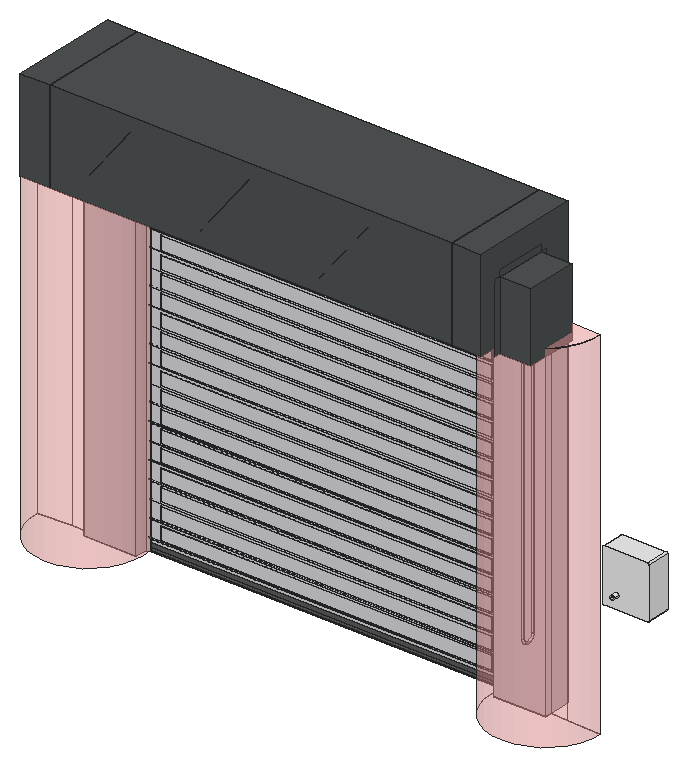
Revit family "Doors_Industrial_Wayne-Dalton_Exterior-Full-View-High-Speed-Metal-Doors-Model-889-ADV-Xtreme_new", category Specialty Equipment, host Wall, Revit 2019 (continued)
Definition of nested family "Lifts"
  Definition of nested family "General Motor"
    Dimensions and locks (in)
      aligned and locked: plane 8 to Sweep 10 sketch curve  (x2)
      aligned and locked: Extrusion 11 to plane 9
      aligned and locked: Extrusion 13 sketch curve to Extrusion 13 sketch curve
      aligned and locked: cut or joined group of Extrusion 11, Extrusion 12, Extrusion 13 to Extrusion 13 sketch curve
      aligned and locked: Extrusion 13 sketch curve to cut or joined group of Extrusion 11, Extrusion 12, Extrusion 13
    Automatic sketch dimensions
      Revolve 1 sketch curve to plane 5 = 0' - 0"
      Revolve 1 sketch curve to plane 4 = 0' - 1.965"
      Revolve 1 sketch curve to level = 0' - 4.941"
      Revolve 1 sketch curve to Revolve 1 sketch curve = 0' - 0.256"
      Revolve 1 sketch curve to Revolve 1 sketch curve = 0' - 1.142"
      Revolve 1 sketch curve to Revolve 1 sketch curve = 0' - 4.843"
      Revolve 1 sketch curve to Revolve 1 sketch curve = 0' - 1.339"
      Revolve 1 sketch curve to Revolve 1 sketch curve = 0' - 2.48"
      plane 5 to Revolve 1 sketch curve = 0' - 1.347"
      Revolve 1 sketch curve to plane 1 "Center (Front/Back)" = 0' - 8.066"
      Revolve 1 sketch curve to Revolve 1 sketch curve = 0' - 1.07288"
      Revolve 1 sketch curve to Revolve 1 sketch curve = 0' - 0.62812"
      Revolve 1 sketch curve to Revolve 1 sketch curve = 0' - 0.651"
      Revolve 1 sketch curve to plane 1 "Center (Front/Back)" = 0' - 5.704"
      Revolve 1 sketch curve to Revolve 1 sketch curve = 0' - 0.128"
      Revolve 1 sketch curve to Revolve 1 sketch curve = 0' - 0.067"
      Revolve 1 sketch curve to Revolve 1 sketch curve = 0' - 2.598"
      Extrusion 2 sketch curve to level = 0' - 6.339"
      Extrusion 2 sketch curve to Extrusion 2 sketch curve = 0' - 4.843"
      Extrusion 2 sketch curve to plane 1 "Center (Front/Back)" = 1' - 1 7/8"
      Extrusion 2 sketch curve to Extrusion 2 sketch curve = 0' - 6"
      plane 1 "Center (Front/Back)" to Extrusion 3 sketch curve = 0' - 0"
      Extrusion 3 sketch curve to plane 1 "Center (Front/Back)" = 0' - 1.755"
      plane 3 "Center (Left/Right)" to Extrusion 3 sketch curve = 0' - 5.729"
      Extrusion 3 sketch curve to Extrusion 3 sketch curve = 0' - 0 1/4"  (x2)
      Extrusion 3 sketch curve to Extrusion 3 sketch curve = 0' - 0.76325"
      Extrusion 3 sketch curve to Extrusion 3 sketch curve = 0' - 0.14434"
      Extrusion 3 sketch curve to plane 3 "Center (Left/Right)" = 0' - 1.14825"
      Extrusion 3 sketch curve to Extrusion 3 sketch curve = 0' - 0.06699"
      Extrusion 3 sketch curve to Extrusion 3 sketch curve = 0' - 1.67401"
      Extrusion 4 sketch curve to plane 3 "Center (Left/Right)" = 0' - 3.771"
      Extrusion 4 sketch curve to plane 3 "Center (Left/Right)" = 0' - 1.14825"  (x2)
      plane 3 "Center (Left/Right)" to Extrusion 4 sketch curve = 0' - 0.58575"
      Extrusion 4 sketch curve to Extrusion 4 sketch curve = 0' - 1.95325"  (x2)
      Extrusion 4 sketch curve to Extrusion 4 sketch curve = 0' - 3.19"  (x2)
      Extrusion 4 sketch curve to level = 0' - 5.9755"
      Extrusion 4 sketch curve to Extrusion 4 sketch curve = 0' - 1.4155"
      Extrusion 4 sketch curve to Extrusion 4 sketch curve = 0' - 2 1/4"  (x2)
      Extrusion 4 sketch curve to Extrusion 4 sketch curve = 0' - 1 1/4"  (x2)
      level to Extrusion 4 sketch curve = 0' - 3.31"
      level to Extrusion 4 sketch curve = 0' - 3.7255"
      Extrusion 5 sketch curve to level = 0' - 3.17729"
      Extrusion 5 sketch curve to Extrusion 5 sketch curve = 0' - 1.27271"  (x2)
      Extrusion 5 sketch curve to plane 1 "Center (Front/Back)" = 0' - 1.18157"
      Extrusion 5 sketch curve to Extrusion 5 sketch curve = 0' - 0.325"  (x2)
      Extrusion 5 sketch curve to plane 1 "Center (Front/Back)" = 0' - 1.441"
      Extrusion 5 sketch curve to Extrusion 5 sketch curve = 0' - 4.99"
      Extrusion 5 sketch curve to Extrusion 5 sketch curve = 0' - 0.39"  (x2)
      Extrusion 5 sketch curve to Extrusion 5 sketch curve = 0' - 2.93885"
      Extrusion 5 sketch curve to Extrusion 5 sketch curve = 0' - 3.2"
      Extrusion 6 sketch curve to plane 3 "Center (Left/Right)" = 0' - 4 1/2"
      Extrusion 6 sketch curve to Extrusion 6 sketch curve = 0' - 2"
      Extrusion 6 sketch curve to plane 3 "Center (Left/Right)" = 0' - 2.06343"
      plane 3 "Center (Left/Right)" to Extrusion 6 sketch curve = 0' - 2.06343"
      plane 3 "Center (Left/Right)" to Extrusion 6 sketch curve = 0' - 2 1/2"
      Extrusion 6 sketch curve to Extrusion 6 sketch curve = 0' - 2.43657"
      Extrusion 6 sketch curve to level = 0' - 10.775"
      Extrusion 6 sketch curve to Extrusion 6 sketch curve = 0' - 1.01"
      Extrusion 6 sketch curve to level = 0' - 4.775"  (x2)
      Extrusion 7 sketch curve to plane 1 "Center (Front/Back)" = 0' - 0 1/4"
      level to Extrusion 7 sketch curve = 0' - 3.346"
      Extrusion 7 sketch curve to level = 0' - 3.346"
      Extrusion 8 sketch curve to plane 6 = 0' - 0"
      Extrusion 8 sketch curve to plane 1 "Center (Front/Back)" = 0' - 10.6"
      Extrusion 8 sketch curve to Extrusion 8 sketch curve = 0' - 2.6"
      Extrusion 9 sketch curve to plane 1 "Center (Front/Back)" = 0' - 8.066"
      Extrusion 9 sketch curve to level = 1' - 5.19509"
      Sweep 10 sketch curve to profile plane = 0' - 0.2675"
      profile plane to Sweep 10 sketch curve = 0' - 3.18196"
      Masking region 2 sketch curve to plane 3 "Center (Left/Right)" = 0' - 0"
      Masking region 2 sketch curve to plane 3 "Center (Left/Right)" = 0' - 1.97"  (x2)
      Masking region 2 sketch curve to Masking region 2 sketch curve = 0' - 0.53"  (x4)
      plane 3 "Center (Left/Right)" to Masking region 2 sketch curve = 0' - 1.97"  (x2)
      Masking region 2 sketch curve to plane 1 "Center (Front/Back)" = 0' - 1.18157"  (x2)
      Masking region 2 sketch curve to Masking region 2 sketch curve = 0' - 0.39"  (x4)
      Masking region 2 sketch curve to Masking region 2 sketch curve = 0' - 2.93885"  (x2)
      Masking region 2 sketch curve to Masking region 2 sketch curve = 0' - 3.16557"
      Masking region 1 sketch curve to Masking region 1 sketch curve = 0' - 0"  (x2)
      plane 1 "Center (Front/Back)" to Masking region 1 sketch curve = 0' - 0"
      Masking region 1 sketch curve to plane 3 "Center (Left/Right)" = 0' - 0"
      Masking region 1 sketch curve to plane 1 "Center (Front/Back)" = 0' - 0 1/4"
      Masking region 1 sketch curve to plane 3 "Center (Left/Right)" = 0' - 1.14825"
      Masking region 1 sketch curve to plane 3 "Center (Left/Right)" = 0' - 1.97"
      Masking region 1 sketch curve to Masking region 1 sketch curve = 0' - 0.82175"
      Masking region 1 sketch curve to Masking region 1 sketch curve = 0' - 0.25576"  (x2)
      Masking region 1 sketch curve to Masking region 1 sketch curve = 0' - 0.53"  (x2)
      Masking region 1 sketch curve to plane 3 "Center (Left/Right)" = 0' - 2 1/2"
      plane 3 "Center (Left/Right)" to Masking region 1 sketch curve = 0' - 1.97"  (x2)
      plane 3 "Center (Left/Right)" to Masking region 1 sketch curve = 0' - 2 1/2"
      Masking region 1 sketch curve to Masking region 1 sketch curve = 0' - 0.33924"  (x2)
      Masking region 1 sketch curve to Masking region 1 sketch curve = 0' - 0.065"
      Masking region 1 sketch curve to Masking region 1 sketch curve = 0' - 1.23391"
      Masking region 1 sketch curve to Masking region 1 sketch curve = 0' - 2.07141"
      Masking region 1 sketch curve to Masking region 1 sketch curve = 0' - 0.14434"
      Masking region 1 sketch curve to Masking region 1 sketch curve = 0' - 1.68009"
      Masking region 1 sketch curve to Masking region 1 sketch curve = 0' - 0 1/4"
      Masking region 1 sketch curve to plane 1 "Center (Front/Back)" = 0' - 0.25881"
      Masking region 1 sketch curve to Masking region 1 sketch curve = 0' - 0.92276"  (x2)
      Masking region 1 sketch curve to plane 1 "Center (Front/Back)" = 0' - 1.755"
      Masking region 1 sketch curve to Masking region 1 sketch curve = 0' - 0.06699"
      Masking region 1 sketch curve to Masking region 1 sketch curve = 0' - 1.67401"
      Masking region 1 sketch curve to Masking region 1 sketch curve = 0' - 3.71885"  (x2)
      Masking region 1 sketch curve to Masking region 1 sketch curve = 0' - 0.49957"
      Masking region 1 sketch curve to Masking region 1 sketch curve = 0' - 0.97228"
      Masking region 1 sketch curve to Masking region 1 sketch curve = 0' - 1.47185"
      Masking region 1 sketch curve to Masking region 1 sketch curve = 0' - 0.35372"
      Masking region 1 sketch curve to Masking region 1 sketch curve = 0' - 2.68"  (x2)
      Masking region 1 sketch curve to Masking region 1 sketch curve = 0' - 1.194"
      Masking region 1 sketch curve to Masking region 1 sketch curve = 0' - 4.469"
      Masking region 3 sketch curve to plane 9 = 0' - 0"
      plane 9 to Masking region 3 sketch curve = 0' - 0.06"  (x2)
      Masking region 3 sketch curve to plane 3 "Center (Left/Right)" = 0' - 4.611"
      plane 1 "Center (Front/Back)" to Masking region 3 sketch curve = 0' - 2 1/2"
      plane 1 "Center (Front/Back)" to Masking region 3 sketch curve = 0' - 0 1/2"
      Masking region 3 sketch curve to plane 1 "Center (Front/Back)" = 1' - 4.7"
      Masking region 3 sketch curve to Masking region 3 sketch curve = 0' - 2"
      curve 6 to plane 3 "Center (Left/Right)" = 0' - 2 1/2"
      plane 9 to curve 7 = 0' - 0.06"
      plane 1 "Center (Front/Back)" to curve 7 = 0' - 2 1/2"
      curve 1 to plane 1 "Center (Front/Back)" = 0' - 0.626"
      curve 1 to plane 3 "Center (Left/Right)" = 0' - 1.97"
      curve 2 to plane 1 "Center (Front/Back)" = 0' - 0.626"
      plane 3 "Center (Left/Right)" to curve 2 = 0' - 1.97"
      curve 2 to curve 3 = 0' - 0.53"
      curve 3 to curve 5 = 0' - 0.065"
      curve 5 to curve 4 = 0' - 0.005"
      curve 2 to curve 4 = 0' - 4.774"
      curve 4 to curve 2 = 0' - 0.97228"
      curve 1 to curve 2 = 0' - 0"
      curve 2 to curve 4 = 0' - 1.31333"
      curve 4 to curve 5 = 0' - 0.79317"
      curve 1 to curve 6 = 0' - 2.40055"
      curve 5 to curve 3 = 0' - 0.29406"
      curve 6 to curve 6 = 0' - 0.63317"
      curve 3 to curve 5 = 0' - 0.63317"
      curve 5 to curve 3 = 0' - 4.469"
      curve 3 to curve 7 = 0' - 4.825"
      Sweep 10 sketch curve to plane 1 "Center (Front/Back)" = 0' - 10 7/16"
      Sweep 10 sketch curve to Sweep 10 sketch curve = 0' - 2 7/16"
      radius of Extrusion 9 sketch curve = 0' - 1.34"
      radius of Sweep 10 sketch curve = 0' - 0.2675"
      radius of Masking region 2 sketch curve = 0' - 2.598"
Definition of nested family "Slat"
  Parameters (values of type "Slat")
    Standard Slat Material = none
    Standard Slat Bottom Rail [instance] = if(and(Bottom Rail, Standard Slat), 1 < 2, 1 > 2)  # no
    Standard Slat [instance] = 1 = 2  # no
    Slat Thickness = 0' - 1.18227"
    Slat Option [instance] = 1
    Slat Height = 0' - 5 13/16"
    Polycarbonated Slat Material = none
    Polycarbonate Slat Bottom Rail [instance] = if(and(Bottom Rail, Polycarbonate Slat), 1 < 2, 1 > 2)  # no
    Polycarbonate Slat [instance] = if(or(Slat Option > 2, Slat Option = 2), 1 < 2, 1 > 2)  # no
    Perforated Slat Material = none
    Perforated Slat Length = (Door Width / 40) * 37  # 9' - 3"
    Perforated Slat Bottom Rail [instance] = if(and(Bottom Rail, Perforated Slat), 1 < 2, 1 > 2)  # no
    Perforated Slat [instance] = if(or(Slat Option < 1, Slat Option = 1), 1 < 2, 1 > 2)  # yes
    Door Width = 10' - 0"
    Default Elevation = 4' - 0"
    Bottom Rail [instance] = no
  Reference planes (in)
    plane 1 "Center (Front/Back)": y = 0
    plane 2: z = 0
    plane 3 "Center (Left/Right)": x = 0
    plane 4: x = -60
    plane 5: x = 60
    plane 6: z = 5.8125
    plane 7: y = -0.59114
    plane 8: y = 0.59114
    plane 9: y = -0.32455
    plane 10: y = -0.32455
    plane 11: y = -0.32455
  Forms (in)
    Extrusion 1, solid, material <- "Standard Slat Material", visible <- "Standard Slat"
      sketch origin (0, 0, 0) x (0, 1, 0) y (0, 0, 1)
        loop
          line (0.02508, 0) -> (0.59114, 0) -> (0.59114, 5.8125) -> (0.02508, 5.8125) -> (-0.59114, 5.19629) -> (-0.59114, 0.61621) -> (0.02508, 0)
      from -60 to 60
    Extrusion 2, solid, material <- "Standard Slat Material", visible <- "Standard Slat"
      sketch origin (0, 0, 0) x (0, 1, 0) y (0, 0, 1)
        loop
          line (-0.67418, 5.8125) -> (-0.67418, 0)
          arc (-0.67418, 0) -> (-0.32455, -0.34963) -> (0.02508, 0) r 0.34963
          line (0.02508, 0) -> (-0.59114, 0.61621) -> (-0.59114, 5.19629) -> (0.02508, 5.8125)
          arc (0.02508, 5.8125) -> (-0.32455, 6.16213) -> (-0.67418, 5.8125) r 0.34963
      from -60 to 60
    Extrusion 3, solid, material <- "Standard Slat Material", visible <- "Perforated Slat"
      sketch origin (0, 0, 0) x (0, 1, 0) y (0, 0, 1)
        loop
          line (0.02508, 0) -> (0.59114, 0) -> (0.59114, 5.8125) -> (0.02508, 5.8125) -> (-0.59114, 5.19629) -> (-0.59114, 0.61621) -> (0.02508, 0)
      from -60 to 60
    Extrusion 4, solid, material <- "Standard Slat Material", visible <- "Perforated Slat"
      sketch origin (0, 0, 0) x (0, 1, 0) y (0, 0, 1)
        loop
          line (-0.67418, 5.8125) -> (-0.67418, 0)
          arc (-0.67418, 0) -> (-0.32455, -0.34963) -> (0.02508, 0) r 0.34963
          line (0.02508, 0) -> (-0.59114, 0.61621) -> (-0.59114, 5.19629) -> (0.02508, 5.8125)
          arc (0.02508, 5.8125) -> (-0.32455, 6.16213) -> (-0.67418, 5.8125) r 0.34963
      from -60 to 60
    Extrusion 5, solid, material <- "Standard Slat Material", visible <- "Polycarbonate Slat"
      sketch origin (0, 0, 0) x (0, 1, 0) y (0, 0, 1)
        loop
          line (0.02508, 0) -> (0.59114, 0) -> (0.59114, 5.8125) -> (0.02508, 5.8125) -> (-0.59114, 5.19629) -> (-0.59114, 0.61621) -> (0.02508, 0)
      from -60 to 60
    Extrusion 6, solid, material <- "Standard Slat Material", visible <- "Polycarbonate Slat"
      sketch origin (0, 0, 0) x (0, 1, 0) y (0, 0, 1)
        loop
          line (-0.67418, 5.8125) -> (-0.67418, 0)
          arc (-0.67418, 0) -> (-0.32455, -0.34963) -> (0.02508, 0) r 0.34963
          line (0.02508, 0) -> (-0.59114, 0.61621) -> (-0.59114, 5.19629) -> (0.02508, 5.8125)
          arc (0.02508, 5.8125) -> (-0.32455, 6.16213) -> (-0.67418, 5.8125) r 0.34963
      from -60 to 60
    Extrusion 7, solid, material <- "Standard Slat Material", visible <- "Standard Slat Bottom Rail"
      sketch origin (0, 0, 0) x (0, 1, 0) y (0, 0, 1)
        loop
          line (-0.59114, -0.22622) -> (-0.59114, -1.0625) -> (0.59114, -1.0625) -> (0.59114, 0) -> (0.02508, 0)
          arc (0.02508, 0) -> (-0.20406, -0.32821) -> (-0.59114, -0.22622) r 0.34963
      from -60 to 60
    Extrusion 8, solid, material <- "Standard Slat Material", visible <- "Perforated Slat Bottom Rail"
      sketch origin (0, 0, 0) x (0, 1, 0) y (0, 0, 1)
        loop
          line (-0.59114, -0.22622) -> (-0.59114, -1.0625) -> (0.59114, -1.0625) -> (0.59114, 0) -> (0.02508, 0)
          arc (0.02508, 0) -> (-0.20406, -0.32821) -> (-0.59114, -0.22622) r 0.34963
      from -60 to 60
    Extrusion 9, solid, material <- "Standard Slat Material", visible <- "Polycarbonate Slat Bottom Rail"
      sketch origin (0, 0, 0) x (0, 1, 0) y (0, 0, 1)
        loop
          line (-0.59114, -0.22622) -> (-0.59114, -1.0625) -> (0.59114, -1.0625) -> (0.59114, 0) -> (0.02508, 0)
          arc (0.02508, 0) -> (-0.20406, -0.32821) -> (-0.59114, -0.22622) r 0.34963
      from -60 to 60
    Extrusion 10, void
      sketch origin (0, 0, 0) x (1, 0, 0) y (0, 0, 1)
        loop
          line (-55.5, 5.19629) -> (-55.5, 0.61621) -> (55.5, 0.61621) -> (55.5, 5.19629) -> (-55.5, 5.19629)
      from -3.39847 to 3.48063
    Extrusion 11, solid, material <- "Perforated Slat Material", visible <- "Perforated Slat"
      sketch origin (0, 0, 0) x (1, 0, 0) y (0, 0, 1)
        loop
          line (-55.5, 5.19629) -> (-55.5, 0.61621) -> (55.5, 0.61621) -> (55.5, 5.19629) -> (-55.5, 5.19629)
      from -0.59114 to 0.67418
    Extrusion 12, void
      sketch origin (0, 0, 0) x (1, 0, 0) y (0, 0, 1)
        loop
          line (-59, 0.61621) -> (59, 0.61621) -> (59, 5.19629) -> (-59, 5.19629) -> (-59, 0.61621)
      from -9.08759 to 12
    Extrusion 13, solid, material <- "Polycarbonated Slat Material", visible <- "Polycarbonate Slat"
      sketch origin (0, 0, 0) x (1, 0, 0) y (0, 0, 1)
        loop
          line (-59, 5.19629) -> (-59, 0.61621) -> (59, 0.61621) -> (59, 5.19629) -> (-59, 5.19629)
      from -0.59114 to 0.67418
  Cuts and joins
    Extrusion 10 cuts Extrusion 4
    Extrusion 10 cuts Extrusion 3
    Extrusion 12 cuts Extrusion 6
    Extrusion 12 cuts Extrusion 5
  Lines and regions (in)
    model lines
      curve 1: line (-60, -0.67418, 5.8125) -> (60, -0.67418, 5.8125)
  Dimensions and locks (in)
    equal spacing: plane 4, plane 3 "Center (Left/Right)", plane 5
    "Door Width": plane 4 to plane 5
    "Slat Height": plane 6 to level
    equal spacing: plane 7, plane 1 "Center (Front/Back)", plane 8
    "Slat Thickness": plane 7 to plane 8
    locked: Extrusion 1 sketch curve to Extrusion 1 sketch curve at 0.56606
    locked: plane 9 to plane 8 at 0.91569
    locked: Extrusion 3 sketch curve to Extrusion 3 sketch curve at 0.56606
    locked: Extrusion 5 sketch curve to Extrusion 5 sketch curve at 0.56606
    locked: level to Extrusion 7 sketch curve at 1.0625
    "Perforated Slat Length": Extrusion 10 sketch curve to Extrusion 10 sketch curve
    equal spacing: Extrusion 10 sketch curve, plane 3 "Center (Left/Right)", Extrusion 10 sketch curve
    equal spacing: Extrusion 11 sketch curve, plane 3 "Center (Left/Right)", Extrusion 11 sketch curve
    "Perforated Slat Length": Extrusion 11 sketch curve to Extrusion 11 sketch curve
    locked: plane 5 to Extrusion 12 sketch curve at 1
    locked: plane 4 to Extrusion 12 sketch curve at 1
    locked: plane 5 to Extrusion 13 sketch curve at 1
    locked: plane 4 to Extrusion 13 sketch curve at 1
    locked: Extrusion 1 sketch curve to Extrusion 1 sketch curve (angle 135.00°)
    locked: Extrusion 1 sketch curve to plane 6 (angle 135.00°)
    locked: Extrusion 3 sketch curve to Extrusion 3 sketch curve (angle 135.00°)
    locked: Extrusion 5 sketch curve to Extrusion 5 sketch curve (angle 135.00°)
    aligned and locked: plane 2 to level
    aligned and locked: Extrusion 1 sketch curve to level
    aligned and locked: Extrusion 1 sketch curve to plane 8
    aligned and locked: Extrusion 1 sketch curve to plane 6
    aligned and locked: Extrusion 1 sketch curve to plane 7
    aligned and locked: plane 5 to Extrusion 1
    aligned and locked: plane 4 to Extrusion 1
    aligned and locked: plane 5 to Extrusion 2
    aligned and locked: plane 4 to Extrusion 2
    aligned and locked: plane 5 to curve 1
    aligned and locked: plane 4 to curve 1
    aligned and locked: plane 5 to Extrusion 6
    aligned and locked: plane 5 to Extrusion 5
    aligned and locked: plane 5 to Extrusion 4
    aligned and locked: plane 5 to Extrusion 3
    aligned and locked: plane 4 to Extrusion 6
    aligned and locked: plane 4 to Extrusion 5
    aligned and locked: plane 4 to Extrusion 4
    aligned and locked: plane 4 to Extrusion 3
    aligned and locked: Extrusion 7 sketch curve to level
    aligned and locked: plane 5 to Extrusion 9
    aligned and locked: plane 5 to Extrusion 8
    aligned and locked: plane 5 to Extrusion 7
    aligned and locked: plane 4 to Extrusion 9
    aligned and locked: plane 4 to Extrusion 8
    aligned and locked: plane 4 to Extrusion 7
  Automatic sketch dimensions
    Extrusion 1 sketch curve to plane 1 "Center (Front/Back)" = 0' - 0.02508"
    Extrusion 2 sketch curve to plane 6 = 0' - 0"
    Extrusion 2 sketch curve to level = 0' - 0"
    Extrusion 2 sketch curve to plane 7 = 0' - 0"
    Extrusion 2 sketch curve to plane 9 = 0' - 0"  (x2)
    plane 7 to Extrusion 2 sketch curve = 0' - 0.08305"
    level to Extrusion 2 sketch curve = 0' - 0.61621"
    Extrusion 2 sketch curve to plane 6 = 0' - 0.61621"
    curve 1 to Extrusion 2 = 0' - 0"
    Extrusion 3 sketch curve to plane 7 = 0' - 0"
    Extrusion 3 sketch curve to plane 6 = 0' - 0"
    Extrusion 3 sketch curve to level = 0' - 0"
    Extrusion 3 sketch curve to plane 8 = 0' - 0"
    Extrusion 3 sketch curve to plane 1 "Center (Front/Back)" = 0' - 0.02508"
    Extrusion 3 sketch curve to plane 6 = 0' - 0.61621"
    Extrusion 4 sketch curve to plane 6 = 0' - 0"
    Extrusion 4 sketch curve to level = 0' - 0"
    Extrusion 4 sketch curve to plane 7 = 0' - 0"
    Extrusion 4 sketch curve to plane 10 = 0' - 0"  (x2)
    plane 7 to Extrusion 4 sketch curve = 0' - 0.08305"
    level to Extrusion 4 sketch curve = 0' - 0.61621"
    Extrusion 4 sketch curve to plane 6 = 0' - 0.61621"
    Extrusion 5 sketch curve to plane 7 = 0' - 0"
    Extrusion 5 sketch curve to plane 6 = 0' - 0"
    Extrusion 5 sketch curve to level = 0' - 0"
    Extrusion 5 sketch curve to plane 8 = 0' - 0"
    Extrusion 5 sketch curve to plane 1 "Center (Front/Back)" = 0' - 0.02508"
    Extrusion 5 sketch curve to plane 6 = 0' - 0.61621"
    Extrusion 6 sketch curve to plane 6 = 0' - 0"
    Extrusion 6 sketch curve to level = 0' - 0"
    Extrusion 6 sketch curve to plane 7 = 0' - 0"
    Extrusion 6 sketch curve to plane 11 = 0' - 0"  (x2)
    plane 7 to Extrusion 6 sketch curve = 0' - 0.08305"
    level to Extrusion 6 sketch curve = 0' - 0.61621"
    Extrusion 6 sketch curve to plane 6 = 0' - 0.61621"
    Extrusion 7 sketch curve to plane 7 = 0' - 0"
    Extrusion 7 sketch curve to plane 8 = 0' - 0"
    plane 1 "Center (Front/Back)" to Extrusion 7 sketch curve = 0' - 0.32455"
    Extrusion 7 sketch curve to plane 1 "Center (Front/Back)" = 0' - 0.02508"
    Extrusion 8 sketch curve to plane 7 = 0' - 0"
    Extrusion 8 sketch curve to level = 0' - 0"
    Extrusion 8 sketch curve to plane 8 = 0' - 0"
    plane 1 "Center (Front/Back)" to Extrusion 8 sketch curve = 0' - 0.32455"
    Extrusion 8 sketch curve to plane 1 "Center (Front/Back)" = 0' - 0.02508"
    Extrusion 8 sketch curve to level = 0' - 1 1/16"
    Extrusion 9 sketch curve to level = 0' - 0"
    Extrusion 9 sketch curve to level = 0' - 0.22622"
    plane 8 to Extrusion 9 sketch curve = 0' - 1.18227"
    Extrusion 9 sketch curve to Extrusion 9 sketch curve = 0' - 0.26658"
    Extrusion 9 sketch curve to Extrusion 9 sketch curve = 0' - 1.18227"
    Extrusion 9 sketch curve to level = 0' - 1 1/16"
    level to Extrusion 12 sketch curve = 0' - 0.61621"
    Extrusion 12 sketch curve to plane 6 = 0' - 0.61621"
    Extrusion 13 sketch curve to plane 6 = 0' - 0.61621"
    level to Extrusion 13 sketch curve = 0' - 0.61621"
    level to Extrusion 10 sketch curve = 0' - 0.61621"
    Extrusion 10 sketch curve to plane 6 = 0' - 0.61621"
    level to Extrusion 11 sketch curve = 0' - 0.61621"
    Extrusion 11 sketch curve to plane 6 = 0' - 0.61621"
Types (3): name | External Transformer | Voltage | Apparent Load Phase 3 | Apparent Load Phase 2 | Apparent Load Phase 1
  230 volts, three phase, 60 Hz (208-245V range) | no | 230 V | 2655.81 VA | 2655.81 VA | 2655.81 VA
  460 volts, three phase, 60 Hz (456-495V range) | no | 460 V | 5311.62 VA | 5311.62 VA | 5311.62 VA
  575 volts, three phase, 60 Hz | yes | 575 V | 6639.53 VA | 6639.53 VA | 6639.53 VA
